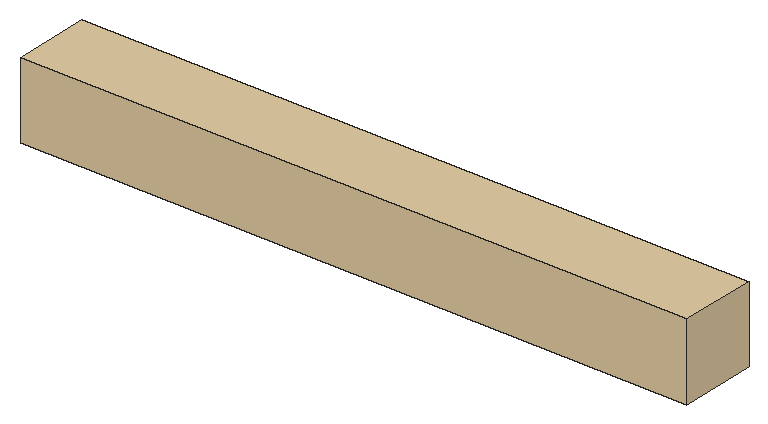
Revit family
Parameters (values of type "140x140")
  시작 확장 계산 [instance] = 3000 mm + 시작 확장  # 3000 mm
  시작 확장 [instance] = 0 mm
  끝 확장 계산 [instance] = 3000 mm + 끝 확장  # 3000 mm
  끝 확장 [instance] = 0 mm
  보 재료 [instance] = 목재 - 치수 재목
  Assembly Code = ""
  A = 0.02 m²
  Ix = 3174
  Iy = 3174
  Length [instance] = 1524 mm
  Sx = 454.4
  Sy = 454.4
  b = 139.7 mm
  d = 139.7 mm
Types (2, lengths in mm): name | A | Ix | Iy | Sx | Sy | b | d
  184x235 | 0.046 m² | 22304 | 13901 | 1849 | 1459 | 190.5 | 241.3
  140x140 | 0.02 m² | 3174 | 3174 | 454.4 | 454.4 | 139.7 | 139.7
Reference planes
  plane 1 "중심(앞/뒤)": y = 0
  plane 2: z = 0
  plane 3 "중심(왼쪽/오른쪽)": x = 4.61
  plane 4 "왼쪽 부재": x = -604.99
  plane 5 "오른쪽 부재": x = 614.21
  plane 6: y = 69.85
  plane 7: y = -69.85
  plane 8: z = 69.85
  plane 9: z = -69.85
  plane 10 "왼쪽": x = -757.39
  plane 11 "기호를 왼쪽에 부착": x = -452.59
  plane 12 "기호를 오른쪽에 부착": x = 461.81
  plane 13 "오른쪽": x = 766.61
  plane 14: x = -604.99
  plane 15: x = 614.21
  plane 16: x = 2395.01
  plane 17: x = -2385.79
Forms (mm)
  Sweep 1, solid, material "목재 - 치수 재목" <- "보 재료", detail levels medium+fine
    path origin (0, 0, 0) x (1, 0, 0) y (0, 1, 0)
      loop
        line (614.21, 0) -> (-604.99, 0)
    profile "M_직사각형 목재 보-프로파일 : M_직사각형 목재 보-프로파일" origin (4.61, 0, 0) x (0, -1, 0) y (0, 0, 1)
      loop
        line (-69.85, -69.85) -> (69.85, -69.85) -> (69.85, 69.85) -> (-69.85, 69.85) -> (-69.85, -69.85)
Lines and regions (mm)
  symbolic lines, style "기호 부착", detail levels coarse
    curve 1: line (4.61, 69.85, 69.85) -> (4.61, -69.85, 69.85)
    curve 2: line (4.61, -69.85, -69.85) -> (4.61, 69.85, -69.85)
    curve 3: line (4.61, -69.85, 69.85) -> (4.61, -69.85, -69.85)
    curve 4: line (4.61, 69.85, -69.85) -> (4.61, 69.85, 69.85)
Dimensions and locks
  "b": plane 6 to plane 7
  "d": plane 9 to plane 8
  equal spacing: plane 9, plane 2, plane 8
  equal spacing: plane 6, plane 1 "중심(앞/뒤)", plane 7
  "Length": plane 10 "왼쪽" to plane 13 "오른쪽"
  locked: plane 4 "왼쪽 부재" to plane 16 at 3000
  locked: plane 17 to plane 5 "오른쪽 부재" at 3000
  "시작 확장 계산": plane 14 to plane 16
  "끝 확장 계산": plane 17 to plane 15
  aligned and locked: Sweep 1 sketch curve to plane 1 "중심(앞/뒤)"
  aligned and locked: curve 1 to Sweep 1
  aligned and locked: curve 2 to Sweep 1
  aligned and locked: curve 3 to Sweep 1
  aligned and locked: curve 4 to Sweep 1
  aligned and locked: plane 14 to Sweep 1 sketch curve
  aligned and locked: plane 15 to Sweep 1 sketch curve
